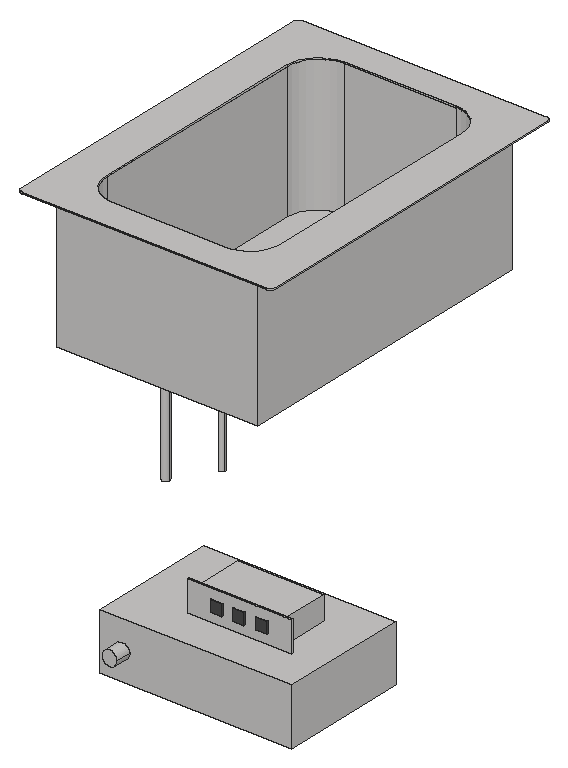
Revit family "QF_ELECTROLUXPROFESSIONAL_341157_D10R1", category Specialty Equipment, Revit 2018
Family settings
  Round Connector Dimension = Use Diameter
  Part Type = Normal
  Work Plane-Based = No
  Always vertical = Yes
  Cut with Voids When Loaded = No
  Shared = No
  Room Calculation Point = No
Parameters (values of type "Standard")
  Weight = 22.50 kg
  Watts = 0 W
  Volts = 220 V
  URL Manufacturer = "http://professional.electrolux.com"
  URL = "http://professional.electrolux.com"
  Steam Supply Size = 0 mm
  Steam Supply Minimum Pressure = 0.0 Pa
  Steam Supply Maximum Pressure = 0.0 Pa
  Steam Pounds per Hour = 0
  Show Clearance [instance] = yes
  Remote Electrical Box_Z [instance] = 200.00 mm
  Remote Electrical Box_Y [instance] = 500.00 mm
  Remote Electrical Box_X [instance] = 220.00 mm
  Refrigeration Suction Line Size = 0.042 mm
  Refrigeration Liquid Line Size = 0.031 mm
  Refrigerant Compressor Remote = yes
  Manufacturer = "Electrolux Professional"
  Phase = 1
  Model = "D10R1"
  Length Actual = 450.00 mm  # constant formula
  Item Number = "341157"
  Hot Water Size = 0 mm
  Height Actual = 260.00 mm  # constant formula
  HP = "0.1 HP"
  Gas Size = 0 mm
  Gas KW = 0
  Gas Input Pressure = 0 W
  Direct Waste Size = 25.4 mm
  Description = "DROP-IN REMOTE, REFRIGERATED WELL, STATIC, 1GN"
  Depth Actual = 620.00 mm  # constant formula
  Cycle = 50 Hz
  Controller_Y [instance] = 500.00 mm
  Controller_1Z [instance] = 300.00 mm
  Controller_1X [instance] = 300.00 mm
  Condensate Return Size = 0 mm
  Compressed Air Volume = 0.0 L/s
  Compressed Air Size = 0 mm
  Compressed Air Pressure = 0.0 Pa
  Cold Water Size = 0 mm
  Accessory = yes
Types (2, lengths in mm): name | Volts | URL Manufacturer | URL | Manufacturer | Phase | Model | Item Number | Description | Cycle
  341156.rfa | 0 V | "" | 0.00 | 0.00 | 0 | 0.00 | "" | 0.00 | 0 Hz
  Standard | 220 V | "http://professional.electrolux.com" | "http://professional.electrolux.com" | "Electrolux Professional" | 1 | "D10R1" | "341157" | "DROP-IN REMOTE, REFRIGERATED WELL, STATIC, 1GN" | 50 Hz
Reference planes
  plane 1 "Centro (Fronte/Retro)": y = 74.737
  plane 2: z = 0
  plane 3 "BACK": y = 384.737
  plane 4 "FRONT": y = -235.263
  plane 5 "RIGHT": x = -289.269
  plane 6 "LEFT": x = -739.269
  plane 7: x = -514.269
  plane 8 "TOP": z = 900
  plane 9: y = 354.737
  plane 10: y = -205.263
  plane 11: x = -336.469
  plane 12: x = -692.069
  plane 13: y = 329.737
  plane 14: y = -180.263
  plane 15: x = -669.269
  plane 16: x = -359.269
  plane 17: z = 898
  plane 18: z = 656
  plane 19: z = 659
  plane 20: z = 336
  plane 21: x = -354.269
  plane 22: y = 349.537
  plane 23: y = -200.063
  plane 24: x = -689.269
  plane 25: x = -349.269
  plane 26 "1": x = -433.269
  plane 27: y = 254.737
  plane 28: y = -120.263
  plane 29: y = 269.737
  plane 30: x = -439.269
  plane 31: x = -519.269
  plane 32: y = -115.263
  plane 33: y = -115.263
  plane 34: z = 200
  plane 35: z = 300
Forms (mm)
  Extrusion 1, solid, material "QF_Finishes_Stainless Steel"
    sketch origin (0, 0, 900) x (-1, 0, 0) y (0, -1, 0)
      loop
        line (336.469, -354.737) -> (692.069, -354.737) -> (692.069, 205.263) -> (336.469, 205.263) -> (336.469, -354.737)
    from -2 to -244
  Extrusion 2, void
    sketch origin (0, 0, 900) x (-1, 0, 0) y (0, -1, 0)
      loop
        line (669.269, -273.737) -> (669.269, 124.263)
        arc (669.269, 124.263) -> (652.867, 163.861) -> (613.269, 180.263) r 56
        line (613.269, 180.263) -> (415.269, 180.263)
        arc (415.269, 180.263) -> (375.671, 163.861) -> (359.269, 124.263) r 56
        line (359.269, 124.263) -> (359.269, -273.737)
        arc (359.269, -273.737) -> (375.671, -313.335) -> (415.269, -329.737) r 56
        line (415.269, -329.737) -> (613.269, -329.737)
        arc (613.269, -329.737) -> (652.867, -313.335) -> (669.269, -273.737) r 56
    from 0 to -241
  Extrusion 3, void
    sketch origin (-498.395, -193.95, 900) x (-1, 0, 0) y (0, -1, 0)
      loop
        circle (-65.126, -448.687) r 18
    from -243.6 to -241
  Extrusion 4, solid, material "QF_Finishes_Stainless Steel"
    sketch origin (0, 0, 900) x (-1, 0, 0) y (0, -1, 0)
      loop
        arc (729.269, -384.737) -> (736.34, -381.808) -> (739.269, -374.737) r 10
        line (739.269, -374.737) -> (739.269, 225.263)
        arc (739.269, 225.263) -> (736.34, 232.334) -> (729.269, 235.263) r 10
        line (729.269, 235.263) -> (299.269, 235.263)
        arc (299.269, 235.263) -> (292.198, 232.334) -> (289.269, 225.263) r 10
        line (289.269, 225.263) -> (289.269, -374.737)
        arc (289.269, -374.737) -> (292.198, -381.808) -> (299.269, -384.737) r 10
        line (299.269, -384.737) -> (729.269, -384.737)
      loop
        line (613.269, 180.263) -> (414.269, 180.263)
        arc (414.269, 180.263) -> (375.378, 164.154) -> (359.269, 125.263) r 55
        line (359.269, 125.263) -> (359.269, -274.737)
        arc (359.269, -274.737) -> (375.378, -313.628) -> (414.269, -329.737) r 55
        line (414.269, -329.737) -> (613.269, -329.737)
        arc (613.269, -329.737) -> (652.867, -313.335) -> (669.269, -273.737) r 56
        line (669.269, -273.737) -> (669.269, 124.263)
        arc (669.269, 124.263) -> (652.867, 163.861) -> (613.269, 180.263) r 56
    from 0 to -2
  Extrusion 5, solid, material "QF_Finishes_Stainless Steel"
    sketch origin (2.2, 30, 744) x (-1, 0, 0) y (0, -1, 0)
      loop
        circle (566.269, 155.263) r 6.35
    from -88 to -288
  Extrusion 6, solid, material "QF_Finishes_Stainless Steel"
    sketch origin (2.2, 30, 744) x (-1, 0, 0) y (0, -1, 0)
      loop
        circle (466.269, 155.263) r 4.76
    from -88 to -238
  Sweep 7, solid, material "QF_Finishes_Stainless Steel"
    path origin (-1098.269, 143.737, 0) x (0, 1, 0) y (0, 0, -1)
      loop
        line (108, -656) -> (108, -629) -> (161, -629)
    profile origin (-1098.269, 251.737, 642.5) x (-1, 0, 0) y (0, -1, 0)
      loop
        circle (-665, 0) r 18
Cuts and joins
  Extrusion 2, Extrusion 3 cuts Extrusion 1
Lines and regions (mm)
  symbolic lines
    curve 1: line (-299.269, 384.737, 900) -> (-729.269, 384.737, 900)
    curve 2: arc (-729.269, 384.737, 900) -> (-736.34, 381.808, 900) -> (-739.269, 374.737, 900) r 10
    curve 3: line (-739.269, 374.737, 900) -> (-739.269, -225.263, 900)
    curve 4: arc (-739.269, -225.263, 900) -> (-736.34, -232.334, 900) -> (-729.269, -235.263, 900) r 10
    curve 5: line (-729.269, -235.263, 900) -> (-299.269, -235.263, 900)
    curve 6: arc (-299.269, -235.263, 900) -> (-292.198, -232.334, 900) -> (-289.269, -225.263, 900) r 10
    curve 7: line (-289.269, -225.263, 900) -> (-289.269, 374.737, 900)
    curve 8: arc (-289.269, 374.737, 900) -> (-292.198, 381.808, 900) -> (-299.269, 384.737, 900) r 10
    curve 9: line (-669.269, -124.263, 900) -> (-669.269, 273.737, 900)
    curve 10: arc (-669.269, 273.737, 900) -> (-652.867, 313.335, 900) -> (-613.269, 329.737, 900) r 56
    curve 11: line (-613.269, 329.737, 900) -> (-415.269, 329.737, 900)
    curve 12: arc (-415.269, 329.737, 900) -> (-375.671, 313.335, 900) -> (-359.269, 273.737, 900) r 56
    curve 13: line (-359.269, 273.737, 900) -> (-359.269, -124.263, 900)
    curve 14: arc (-359.269, -124.263, 900) -> (-375.671, -163.861, 900) -> (-415.269, -180.263, 900) r 56
    curve 15: line (-415.269, -180.263, 900) -> (-613.269, -180.263, 900)
    curve 16: arc (-613.269, -180.263, 900) -> (-652.867, -163.861, 900) -> (-669.269, -124.263, 900) r 56
    curve 17: arc (-415.269, 254.737, 900) -> (-433.269, 272.737, 900) -> (-451.269, 254.737, 900) r 18
    curve 18: arc (-451.269, 254.737, 900) -> (-433.269, 236.737, 900) -> (-415.269, 254.737, 900) r 18
  symbolic lines, style "SpecialityEquipmentHiddenLines"
    curve 19: line (-692.069, 354.737, 900) -> (-336.469, 354.737, 900)
    curve 20: line (-692.069, -205.263, 900) -> (-692.069, 354.737, 900)
    curve 21: line (-336.469, -205.263, 900) -> (-692.069, -205.263, 900)
    curve 22: line (-336.469, 354.737, 900) -> (-336.469, -205.263, 900)
    curve 23: line (-679.269, -120.263, 900) -> (-349.269, -120.263, 900)
    curve 24: line (-679.269, 269.737, 900) -> (-679.269, -120.263, 900)
    curve 25: line (-349.269, 269.737, 900) -> (-679.269, 269.737, 900)
    curve 26: line (-349.269, -120.263, 900) -> (-349.269, 269.737, 900)
Dimensions and locks
  plane 6 "LEFT" to plane 5 "RIGHT" = 450.00 mm
  equal spacing: plane 3 "BACK", plane 1 "Centro (Fronte/Retro)", plane 4 "FRONT"
  plane 3 "BACK" to plane 4 "FRONT" = 620.00 mm
  equal spacing: plane 6 "LEFT", plane 7, plane 5 "RIGHT"
  locked: plane 8 "TOP" to plane 2 at 900
  locked: plane 6 "LEFT" to plane 12 at 47.2
  locked: plane 11 to plane 5 "RIGHT" at 47.2
  locked: plane 3 "BACK" to plane 9 at 30
  locked: plane 10 to plane 4 "FRONT" at 30
  locked: plane 3 "BACK" to plane 13 at 55
  locked: plane 14 to plane 4 "FRONT" at 55
  locked: plane 6 "LEFT" to plane 15 at 70
  locked: plane 16 to plane 5 "RIGHT" at 70
  locked: plane 8 "TOP" to plane 17 at 2
  plane 8 "TOP" to plane 18 = 244.00 mm
  locked: plane 19 to plane 18 at 3
  plane 18 to plane 20 = 320.00 mm
  plane 25 to plane 24 = 340.00 mm
  plane 26 "1" to plane 16 = 74.00 mm
  locked: plane 13 to plane 27 at 75
  plane 15 to plane 16 = 310.00 mm
  plane 13 to plane 14 = 510.00 mm
  plane 26 "1" to plane 5 "RIGHT" = 144.00 mm
  plane 24 to plane 6 "LEFT" = 50.00 mm
  equal spacing: plane 28, plane 1 "Centro (Fronte/Retro)", plane 29
  plane 28 to plane 29 = 390.00 mm
  "Controller_Y": plane 3 "BACK" to plane 33
  "Remote Electrical Box_Y": plane 3 "BACK" to plane 32
  "Controller_1X": plane 6 "LEFT" to plane 30
  "Remote Electrical Box_X": plane 6 "LEFT" to plane 31
  "Controller_1Z": plane 35 to plane 2
  "Remote Electrical Box_Z": plane 34 to plane 2
  aligned and locked: level to plane 2
  aligned and locked: plane 9 to Extrusion 1 sketch curve
  aligned and locked: plane 11 to Extrusion 1 sketch curve
  aligned and locked: Extrusion 1 sketch curve to plane 10
  aligned and locked: Extrusion 1 sketch curve to plane 12
  aligned and locked: Extrusion 1 to plane 18
  aligned and locked: Extrusion 2 to plane 19
  aligned and locked: plane 19 to Extrusion 3
  aligned and locked: Extrusion 4 sketch curve to plane 3 "BACK"
  aligned and locked: Extrusion 4 sketch curve to plane 5 "RIGHT"
  aligned and locked: plane 4 "FRONT" to Extrusion 4 sketch curve
  aligned and locked: plane 6 "LEFT" to Extrusion 4 sketch curve
  aligned and locked: Extrusion 4 sketch curve to plane 15
  aligned and locked: plane 13 to Extrusion 4 sketch curve
  aligned and locked: plane 16 to Extrusion 4 sketch curve
  aligned and locked: Extrusion 4 sketch curve to plane 14
  aligned and locked: Extrusion 4 to plane 17
  aligned and locked: plane 30 to nested 1
  aligned and locked: plane 31 to nested 2
  aligned and locked: plane 32 to nested 2
  aligned and locked: nested 1 to plane 33
  aligned and locked: plane 34 to nested 2
  aligned and locked: plane 35 to nested 1
Automatic sketch dimensions
  Extrusion 2 sketch curve to plane 13 = 56.00 mm
  Extrusion 2 sketch curve to plane 16 = 56.00 mm
  plane 14 to Extrusion 2 sketch curve = 56.00 mm
  plane 15 to Extrusion 2 sketch curve = 56.00 mm
  Extrusion 3 sketch curve to plane 26 "1" = 0.00 mm
  Extrusion 3 sketch curve to plane 27 = 0.00 mm
  Extrusion 2 sketch curve to plane 16 = 0.00 mm
  Extrusion 2 sketch curve to plane 14 = 0.00 mm
  Extrusion 2 sketch curve to plane 13 = 0.00 mm
  Extrusion 2 sketch curve to plane 15 = 0.00 mm
  Extrusion 4 sketch curve to plane 5 "RIGHT" = 10.00 mm  (x2)
  plane 26 "1" to Extrusion 4 sketch curve = 19.00 mm  (x2)
  plane 27 to Extrusion 4 sketch curve = 19.00 mm
  Extrusion 4 sketch curve to Extrusion 4 sketch curve = 56.00 mm
  Extrusion 4 sketch curve to Extrusion 4 sketch curve = 10.00 mm
  plane 6 "LEFT" to Extrusion 4 sketch curve = 10.00 mm
  curve 17 to curve 18 = 0.00 mm  (x2)
  curve 7 to plane 5 "RIGHT" = 0.00 mm
  curve 5 to plane 4 "FRONT" = 0.00 mm
  curve 1 to plane 3 "BACK" = 0.00 mm
  curve 19 to plane 9 = 0.00 mm
  curve 19 to plane 11 = 0.00 mm
  curve 25 to plane 25 = 0.00 mm
  curve 13 to plane 16 = 0.00 mm
  curve 15 to plane 14 = 0.00 mm
  curve 17 to plane 27 = 0.00 mm
  curve 11 to plane 13 = 0.00 mm
  curve 17 to plane 26 "1" = 0.00 mm
  curve 9 to plane 15 = 0.00 mm
  curve 24 to plane 28 = 0.00 mm
  curve 25 to plane 29 = 0.00 mm
  curve 20 to plane 10 = 0.00 mm
  curve 20 to plane 12 = 0.00 mm
  curve 3 to plane 6 "LEFT" = 0.00 mm
  curve 6 to curve 6 = 10.00 mm
  curve 1 to plane 5 "RIGHT" = 10.00 mm
  plane 29 to curve 12 = 4.00 mm
  plane 26 "1" to curve 15 = 18.00 mm
  plane 15 to curve 11 = 56.00 mm
  plane 15 to curve 15 = 56.00 mm
  curve 24 to plane 15 = 10.00 mm
  curve 2 to curve 2 = 10.00 mm
  plane 6 "LEFT" to curve 5 = 10.00 mm
  plane 26 "1" to curve 17 = 18.00 mm
  Extrusion 5 sketch curve to plane 28 = 5.00 mm
  Extrusion 5 sketch curve to plane 31 = 44.80 mm
  Extrusion 6 sketch curve to plane 28 = 5.00 mm
  Extrusion 6 sketch curve to plane 30 = 24.80 mm
  Sweep 7 sketch curve to plane 18 = 0.00 mm
  Sweep 7 sketch curve to plane 27 = 3.00 mm
  Sweep 7 sketch curve to Sweep 7 sketch curve = 27.00 mm
  Sweep 7 sketch curve to plane 13 = 25.00 mm
  Sweep 7 sketch curve to Sweep 7 sketch curve = 0.00 mm  (x2)
  Sweep 7 sketch curve to profile plane = 0.00 mm
  Sweep 7 sketch curve to profile plane = 665.00 mm
  Sweep 7 sketch curve to Sweep 7 sketch curve = 18.00 mm
  radius of Extrusion 3 sketch curve = 18.00 mm
  radius of Extrusion 5 sketch curve = 6.35 mm
  radius of Extrusion 6 sketch curve = 4.76 mm
Nested families
  nested 1: "Controller" at (-439.269, -115.263, 300), type "Controller"
  nested 2: "Remote_Electrical_Box" at (-519.269, -0.263, 100), type "Remote_Electrical_Box"
  nested 3: "Refrigerator" at (-469.269, -45.263, 900), type "Refrigerator"
Connectors
  electrical at (-649.269, -142.263, 149.381)
    settings: on nested 2, index 2, voltage 0 V, apparent load 0 VA, apparent load phase1 0 VA, apparent load phase2 0 VA, apparent load phase3 0 VA, power factor 1, load classification "Altro", number of poles 1, system type 14, power factor state 1, is connector primary yes, connector utility no, sub classification motor no, connector description ""
  piping at (-564.069, -125.263, 456), diameter 12.7
    settings: on Extrusion 5, index 8, connector inside diameter 609.6 mm, connector length 0.00 mm, flow factor 0, pipe flow 0.0 L/s, pressure drop 0.0 Pa, fitting loss kfactor 0, connector angle 0.00°, fixture units 0, engagement length 0.00 mm, angle of deflection 0.00°, flow configuration 1, flow direction 1, fitting loss method 0, system type 22, joint type 0, gender type 0, connector reference index -1, connector utility 0, adjustable connector no, is connector primary yes, connector description ""
  piping at (-464.069, -125.263, 506), diameter 9.52
    settings: on Extrusion 6, index 9, connector inside diameter 609.6 mm, connector length 0.00 mm, flow factor 0, pipe flow 0.0 L/s, pressure drop 0.0 Pa, fitting loss kfactor 0, connector angle 0.00°, fixture units 0, engagement length 0.00 mm, angle of deflection 0.00°, flow configuration 1, flow direction 1, fitting loss method 0, system type 23, joint type 0, gender type 0, connector reference index -1, connector utility 0, adjustable connector no, is connector primary no, connector description ""
  piping at (-433.269, 304.737, 629), diameter 36
    settings: on Sweep 7, index 10, connector inside diameter 609.6 mm, connector length 0.00 mm, flow factor 0, pipe flow 0.0 L/s, pressure drop 0.0 Pa, fitting loss kfactor 0, connector angle 0.00°, fixture units 0, engagement length 0.00 mm, angle of deflection 0.00°, flow configuration 1, flow direction 1, fitting loss method 0, system type 16, joint type 0, gender type 0, connector reference index -1, connector utility 0, adjustable connector no, is connector primary no, connector description ""
Definition of nested family "Controller"
  Reference planes
    plane 1 "Center (Front/Back)": y = 0
    plane 2: z = 0
    plane 3 "Center (Left/Right)": x = 0
  Forms (mm)
    Extrusion 1, solid
      sketch origin (0, 44.769, -48.2) x (1, 0, 0) y (0, 1, 0)
        loop
          line (-76, 43.231) -> (-76, -47.65) -> (76, -47.65) -> (76, 43.231) -> (-76, 43.231)
      from 6.2 to 48.2
    Extrusion 2, solid
      sketch origin (0, 44.769, -48.2) x (1, 0, 0) y (0, 0, 1)
        loop
          line (-92.25, 54.4) -> (-92.25, 0) -> (92.25, 0) -> (92.25, 54.4) -> (-92.25, 54.4)
        loop
          line (-76, 48.2) -> (-76, 6.2) -> (76, 6.2) -> (76, 48.2) -> (-76, 48.2)
      from 44.769 to 47.65
    Extrusion 3, solid
      sketch origin (76, -2.881, -48.2) x (-1, 0, 0) y (0, 0, -1)
        loop
          line (106, -37.2) -> (126, -37.2) -> (126, -17.2) -> (106, -17.2) -> (106, -37.2)
        loop
          line (66, -37.2) -> (86, -37.2) -> (86, -17.2) -> (66, -17.2) -> (66, -37.2)
        loop
          line (26, -37.2) -> (46, -37.2) -> (46, -17.2) -> (26, -17.2) -> (26, -37.2)
      from 0 to 2
    Extrusion 4, void
      sketch origin (0, 0, 0) x (1, 0, 0) y (0, 1, 0)
        loop
          line (76, 88) -> (-76, 88) -> (-76, 0) -> (76, 0) -> (76, 88)
      from 0 to -42
  Cuts and joins
    Extrusion 4 cuts Extrusion 2
    joined: Extrusion 1, Extrusion 2
  Lines and regions (mm)
    symbolic lines
      curve 1: line (-76, 88, 0) -> (-76, 0, 0)
      curve 2: line (76, 88, 0) -> (-76, 88, 0)
      curve 3: line (76, 0, 0) -> (76, 88, 0)
      curve 4: line (-92.25, -2.881, 0) -> (92.25, -2.881, 0)
      curve 5: line (-92.25, 0, 0) -> (-92.25, -2.881, 0)
      curve 6: line (92.25, 0, 0) -> (-92.25, 0, 0)
      curve 7: line (92.25, -2.881, 0) -> (92.25, 0, 0)
  Dimensions and locks
    aligned and locked: level to plane 2
Definition of nested family "Remote_Electrical_Box"
  Parameters (values of type "Remote_Electrical_Box")
    Default Elevation = 1219.20 mm
  Reference planes
    plane 1 "Center (Front/Back)": y = 0
    plane 2: z = 0
    plane 3 "Center (Left/Right)": x = 0
    plane 4: x = -170
    plane 5: x = 170
    plane 6: y = 115
    plane 7: y = -115
    plane 8: z = 100
    plane 9: z = 50
  Forms (mm)
    Extrusion 1, solid
      sketch origin (0, 0, 0) x (1, 0, 0) y (0, 1, 0)
        loop
          line (-170, 115) -> (-170, -115) -> (170, -115) -> (170, 115) -> (-170, 115)
      from 0 to 100
    Extrusion 2, solid
      sketch origin (0, 0, 0) x (1, 0, 0) y (0, 0, 1)
        loop
          circle (-130, 49.381) r 13
      from 115 to 142
  Lines and regions (mm)
    symbolic lines
      curve 1: line (-170, 115, 0) -> (170, 115, 0)
      curve 2: line (-170, -115, 0) -> (-170, 115, 0)
      curve 3: line (170, -115, 0) -> (-170, -115, 0)
      curve 4: line (170, 115, 0) -> (170, -115, 0)
      curve 5: line (-143, -142, 0) -> (-117, -142, 0)
      curve 6: line (-143, -142, 0) -> (-143, -115, 0)
      curve 7: line (-117, -142, 0) -> (-117, -115, 0)
  Dimensions and locks
    equal spacing: plane 4, plane 3 "Center (Left/Right)", plane 5
    equal spacing: plane 6, plane 1 "Center (Front/Back)", plane 7
    plane 4 to plane 5 = 340.00 mm
    plane 6 to plane 7 = 230.00 mm
    Extrusion 1 to Extrusion 2 sketch curve = 40.00 mm
    equal spacing: plane 8, plane 9, plane 2
    aligned and locked: level to plane 2
    aligned and locked: Extrusion 1 sketch curve to plane 6
    aligned and locked: plane 4 to Extrusion 1 sketch curve
    aligned and locked: plane 7 to Extrusion 1 sketch curve
    aligned and locked: Extrusion 1 sketch curve to plane 5
    aligned and locked: plane 7 to Extrusion 2
    aligned and locked: plane 8 to Extrusion 1
  Automatic sketch dimensions
    level to Extrusion 2 sketch curve = 49.381 mm
    curve 3 to plane 4 = 0.00 mm
    curve 7 to plane 7 = 0.00 mm
    curve 3 to plane 5 = 0.00 mm
    curve 2 to plane 6 = 0.00 mm
    plane 4 to curve 6 = 27.00 mm
    curve 5 to curve 6 = 27.00 mm
    curve 6 to curve 7 = 26.00 mm
    radius of Extrusion 2 sketch curve = 13.00 mm
Definition of nested family "Refrigerator"
  Reference planes
    plane 1 "Center (Front/Back)": y = 0
    plane 2: z = 0
    plane 3 "Center (Left/Right)": x = 0
  Lines and regions (mm)
    detail lines, in view "Ref. Level"
      curve 1: line (0, -60, 0) -> (0, 60, 0)
      curve 2: line (-51.962, 30, 0) -> (51.962, -30, 0)
      curve 3: line (-51.962, -30, 0) -> (51.962, 30, 0)
      curve 4: line (19.116, 56.873, 0) -> (0, 35, 0)
      curve 5: line (0, 35, 0) -> (-19.116, 56.873, 0)
      curve 6: line (-30.311, 17.5, 0) -> (-40, 45.883, 0)
      curve 7: line (-59.736, 11.7, 0) -> (-30.311, 17.5, 0)
      curve 8: line (-30.311, -17.5, 0) -> (-59.736, -11.7, 0)
      curve 9: line (-40, -45.883, 0) -> (-30.311, -17.5, 0)
      curve 10: line (0, -35, 0) -> (-19.116, -56.873, 0)
      curve 11: line (19.116, -56.873, 0) -> (0, -35, 0)
      curve 12: line (30.311, -17.5, 0) -> (39.696, -44.992, 0)
      curve 13: line (58.812, -11.882, 0) -> (30.311, -17.5, 0)
      curve 14: line (30.311, 17.5, 0) -> (58.812, 11.882, 0)
      curve 15: line (39.696, 44.992, 0) -> (30.311, 17.5, 0)
